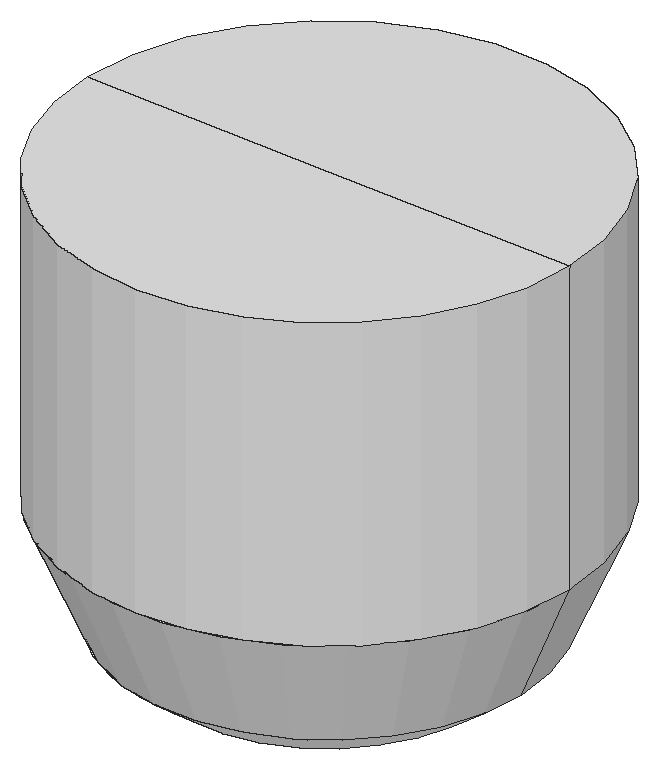
Revit family "CWSS-WW-S6 ENScape optisk-akustisk signalgiver hvit_Tak", category Fire Alarm Devices, Revit 2016
Family settings
  Maintain Annotation Orientation = Yes
  Part Type = Normal
  Round Connector Dimension = Use Diameter
  OmniClass Number = 23.85.30.21.11.17
  OmniClass Title = Other Components
  Work Plane-Based = No
  Always vertical = No
  Cut with Voids When Loaded = No
  Shared = No
  Room Calculation Point = No
Parameters (values of type "Optisk signalgiver")
  Type Comments = "-XH"
  Reference Line Out [instance] = 10.00 mm
  NS8360 = "5423_XN2"
  Manufacturer = "Honeywell"
  Keynote = "XN2"
  CQ Symbol Positive Direction [instance] = yes
  CQ Symbol Offset Side [instance] = 0.00 mm
  CQ Symbol Offset Out [instance] = 0.00 mm
  CQ Material = Plastic - White
  CQ Length B = 98.00 mm
  CQ Length A = 100.00 mm
  Assembly Code = "5423"
Reference planes
  plane 1 "Center (Front/Back)": y = 0
  plane 2: z = 0
  plane 3 "Center (Left/Right)": x = 0
  plane 4: x = -50
  plane 5: x = 50
  plane 6: z = -98
  plane 7: z = -83
  plane 8: x = 40
Forms (mm)
  Revolve 1, solid, material "Plastic White Transparent"
    sketch origin (0, 0, 0) x (1, 0, 0) y (0, 0, 1)
      loop
        line (0, -83) -> (0, -98) -> (1, -98)
        arc (1, -98) -> (21.893, -94.121) -> (40, -83) r 58.2
        line (40, -83) -> (0, -83)
      axis (0, -83) -> (0, -98)
    angle from 0 to 360
  Revolve 2, solid, material "Plastic - White" <- "CQ Material"
    sketch origin (0, 0, 0) x (1, 0, 0) y (0, 0, 1)
      loop
        line (0, 0) -> (0, -83) -> (40, -83) -> (50, -60) -> (50, 0) -> (0, 0)
      axis (0, 0) -> (0, -83)
    angle from 0 to 360
Lines and regions (mm)
  model lines, style "InvisibleLines"
    curve 1: line (0, 0, 0) -> (0, -43, 0)
    curve 2: line (0, 0, 0) -> (0, 0, 10)
Dimensions and locks
  equal spacing: plane 5, plane 3 "Center (Left/Right)", plane 4
  "CQ Length A": plane 5 to plane 4
  "CQ Length B": plane 6 to plane 2
  "Reference Line Out": curve 2 to level
  locked: plane 7 to plane 6 at 15
  locked: plane 5 to plane 8 at 10
  aligned and locked: level to plane 2
  aligned and locked: curve 1 to plane 2
  aligned and locked: plane 3 "Center (Left/Right)" to nested 1
  aligned and locked: plane 1 "Center (Front/Back)" to nested 1
  aligned and locked: plane 2 to curve 2
  aligned and locked: plane 3 "Center (Left/Right)" to curve 2
  aligned and locked: Revolve 1 sketch curve to plane 7
  aligned and locked: Revolve 1 sketch curve to plane 6
  aligned and locked: Revolve 2 sketch curve to level
  aligned and locked: Revolve 2 sketch curve to plane 3 "Center (Left/Right)"
  aligned and locked: Revolve 2 sketch curve to plane 5
  aligned and locked: Revolve 2 sketch curve to plane 7
  aligned and locked: Revolve 1 sketch curve to plane 8
  aligned and locked: Revolve 2 sketch curve to plane 8
Automatic sketch dimensions
  curve 1 to plane 3 "Center (Left/Right)" = 0.00 mm
  plane 1 "Center (Front/Back)" to curve 1 = 0.00 mm
  plane 1 "Center (Front/Back)" to curve 1 = 43.00 mm
  Revolve 1 sketch curve to plane 3 "Center (Left/Right)" = 0.00 mm  (x2)
  Revolve 1 sketch curve to plane 6 = 0.00 mm
  plane 3 "Center (Left/Right)" to Revolve 1 sketch curve = 1.00 mm
  Revolve 1 sketch curve to Revolve 1 sketch curve = 12.20 mm
  Revolve 2 sketch curve to plane 3 "Center (Left/Right)" = 0.00 mm
  Revolve 2 sketch curve to plane 6 = 23.00 mm
  plane 7 to Revolve 2 sketch curve = 23.00 mm
  level to Revolve 2 sketch curve = 25.00 mm
Nested families
  nested 1: "Optisk alarmapparat" at (0, 0, 0), type "Type 1"
Connectors
  electrical at (0, 0, 0)
    settings: on Revolve 1, index 1, voltage 0 V, apparent load 0 VA, apparent load phase1 0 VA, apparent load phase2 0 VA, apparent load phase3 0 VA, power factor 1, load classification "Other", number of poles 1, system type 11, power factor state 1, is connector primary yes, connector utility no, sub classification motor no, connector description ""
Definition of nested family "Optisk alarmapparat"
  Parameters
    CQ Symbol Positive Direction = yes
    CQ Symbol Negative Direction = not(CQ Symbol Positive Direction)  # no
    CQ Symbol Offset Side = 0.00 mm
    CQ Symbol Offset Out = 0.00 mm
  Reference planes
    plane 1: y = 0
    plane 2: x = 0
  Dimensions and locks
    "CQ Symbol Offset Out": plane 1 to nested 2
    "CQ Symbol Offset Out": plane 1 to nested 1
    "CQ Symbol Offset Side": plane 2 to nested 1
    "CQ Symbol Offset Side": nested 2 to plane 2
  Nested families
    nested 1: "Optisk AlarmapparatSub" at (0, 0, 0), visible <- "CQ Symbol Positive Direction", type "Type 1"
    nested 2: "Optisk AlarmapparatSub" at (0, 0, 0), visible <- "CQ Symbol Negative Direction", type "Type 1"
  Definition of nested family "Optisk AlarmapparatSub"
    Reference planes
      plane 1: y = 0
      plane 2: x = 0
    Lines and regions (mm)
      detail lines
        curve 1: circle (0, 0, 0) r 2.5 normal (0, 0, 1)
        curve 2: line (-1.768, 1.768, 0) -> (1.768, -1.768, 0)
        curve 3: line (-1.768, -1.768, 0) -> (1.768, 1.768, 0)
        curve 4: line (-0.001, 3, 0) -> (4.748, 3, 0)
    Text (mm)
      text "PL" at (1.733, 4.587, 0)
